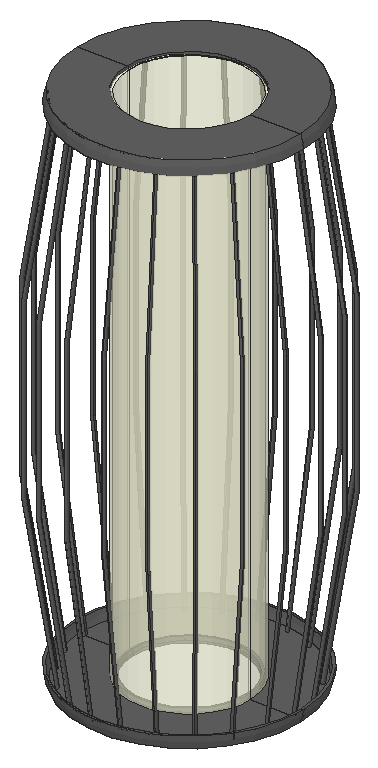
Revit family "WRO1", category Lighting Fixtures, Revit 2024
Family settings
  Round Connector Dimension = Use Diameter
  Part Type = Normal
  OmniClass Number = 23.80.70.00
  OmniClass Title = Lighting
  Work Plane-Based = No
  Always vertical = Yes
  Cut with Voids When Loaded = No
  Light Source = No
  Maintain Annotation Orientation = No
  Shared = No
  Room Calculation Point = No
Parameters
  Default Elevation = 0' - 0"
Reference planes (in)
  plane 1 "Light Source Axis (F/B)": y = 0
  plane 2: z = 0
  plane 3 "Light Source Axis (L/R)": x = 0
  plane 4 "Light Source Elevation": z = 54
Forms (in)
  Revolve 1, solid, material "78"
    sketch origin (0, 0, 0) x (1, 0, 0) y (0, 0, 1)
      loop
        arc (4.62517, 74.74589) -> (4.58822, 75.00431) -> (4.5, 75.25) r 1.28996
        line (4.5, 75.25) -> (2.5, 75.25) -> (2.5, 75.1563) -> (4.43931, 75.1563)
        arc (4.43931, 75.1563) -> (4.50351, 74.95517) -> (4.53134, 74.74589) r 1.19621
        line (4.53134, 74.74589) -> (4.62517, 74.74589)
      loop
        arc (4.5, 54) -> (4.58822, 54.24569) -> (4.62517, 54.50411) r 1.28996
        line (4.62517, 54.50411) -> (4.53134, 54.50411)
        arc (4.53134, 54.50411) -> (4.50351, 54.29483) -> (4.43931, 54.0937) r 1.19621
        line (4.43931, 54.0937) -> (2.38233, 54.0937) -> (2.38233, 54.25443) -> (2.29687, 54.25443) -> (2.29687, 54.0937) -> (2.29687, 54) -> (4.5, 54)
      axis (0, 75.25) -> (0, 54)
    angle from 0 to 360
  Revolve 2, solid, material "CYL"
    sketch origin (0, 0, 0) x (1, 0, 0) y (0, 0, 1)
      loop
        line (2.5, 54.0937) -> (2.5, 75.1563) -> (2.40625, 75.1563) -> (2.40625, 54.0937) -> (2.5, 54.0937)
      axis (0, 54.0937) -> (0, 75.1563)
    angle from 0 to 360
  Sweep 3, solid, material "78"
    path origin (0, 0, 0) x (1, 0, 0) y (0, 0, 1)
      loop
        arc (4.22942, 54.0937) -> (5.43681, 64.625) -> (4.22942, 75.1563) r 46.53252
    profile origin (5.43681, 0, 64.625) x (-1, 0, 0) y (0, -1, 0)
      loop
        circle (0, 0) r 0.0625
  Sweep 4, solid, material "78"
    path origin (0, 0, 0) x (0.959493, -0.281733, 0) y (0, 0, 1)
      loop
        arc (4.22942, 54.0937) -> (5.43681, 64.625) -> (4.22942, 75.1563) r 46.53252
    profile origin (5.21658, -1.53173, 64.625) x (-0.959493, 0.281733, 0) y (-0.281733, -0.959493, 0)
      loop
        circle (0, 0) r 0.0625
  Sweep 5, solid, material "78"
    path origin (0, 0, 0) x (0.959493, 0.281733, 0) y (0, 0, 1)
      loop
        arc (4.22942, 54.0937) -> (5.43681, 64.625) -> (4.22942, 75.1563) r 46.53252
    profile origin (5.21658, 1.53173, 64.625) x (-0.959493, -0.281733, 0) y (0.281733, -0.959493, 0)
      loop
        circle (0, 0) r 0.0625
  Sweep 6, solid, material "78"
    path origin (0, 0, 0) x (0.841254, 0.540641, 0) y (0, 0, 1)
      loop
        arc (4.22942, 54.0937) -> (5.43681, 64.625) -> (4.22942, 75.1563) r 46.53252
    profile origin (4.57374, 2.93936, 64.625) x (-0.841254, -0.540641, 0) y (0.540641, -0.841254, 0)
      loop
        circle (0, 0) r 0.0625
  Sweep 7, solid, material "78"
    path origin (0, 0, 0) x (0.654861, 0.75575, 0) y (0, 0, 1)
      loop
        arc (4.22942, 54.0937) -> (5.43681, 64.625) -> (4.22942, 75.1563) r 46.53252
    profile origin (3.56036, 4.10887, 64.625) x (-0.654861, -0.75575, 0) y (0.75575, -0.654861, 0)
      loop
        circle (0, 0) r 0.0625
  Sweep 8, solid, material "78"
    path origin (0, 0, 0) x (0.415415, 0.909632, 0) y (0, 0, 1)
      loop
        arc (4.22942, 54.0937) -> (5.43681, 64.625) -> (4.22942, 75.1563) r 46.53252
    profile origin (2.25853, 4.9455, 64.625) x (-0.415415, -0.909632, 0) y (0.909632, -0.415415, 0)
      loop
        circle (0, 0) r 0.0625
  Sweep 9, solid, material "78"
    path origin (0, 0, 0) x (0.142315, 0.989821, 0) y (0, 0, 1)
      loop
        arc (4.22942, 54.0937) -> (5.43681, 64.625) -> (4.22942, 75.1563) r 46.53252
    profile origin (0.77374, 5.38147, 64.625) x (-0.142315, -0.989821, 0) y (0.989821, -0.142315, 0)
      loop
        circle (0, 0) r 0.0625
  Sweep 10, solid, material "78"
    path origin (0, 0, 0) x (-0.142315, 0.989821, 0) y (0, 0, 1)
      loop
        arc (4.22942, 54.0937) -> (5.43681, 64.625) -> (4.22942, 75.1563) r 46.53252
    profile origin (-0.77374, 5.38147, 64.625) x (0.142315, -0.989821, 0) y (0.989821, 0.142315, 0)
      loop
        circle (0, 0) r 0.0625
  Sweep 11, solid, material "78"
    path origin (0, 0, 0) x (-0.415415, 0.909632, 0) y (0, 0, 1)
      loop
        arc (4.22942, 54.0937) -> (5.43681, 64.625) -> (4.22942, 75.1563) r 46.53252
    profile origin (-2.25853, 4.9455, 64.625) x (0.415415, -0.909632, 0) y (0.909632, 0.415415, 0)
      loop
        circle (0, 0) r 0.0625
  Sweep 12, solid, material "78"
    path origin (0, 0, 0) x (-0.654861, 0.75575, 0) y (0, 0, 1)
      loop
        arc (4.22942, 54.0937) -> (5.43681, 64.625) -> (4.22942, 75.1563) r 46.53252
    profile origin (-3.56036, 4.10887, 64.625) x (0.654861, -0.75575, 0) y (0.75575, 0.654861, 0)
      loop
        circle (0, 0) r 0.0625
  Sweep 13, solid, material "78"
    path origin (0, 0, 0) x (-0.841254, 0.540641, 0) y (0, 0, 1)
      loop
        arc (4.22942, 54.0937) -> (5.43681, 64.625) -> (4.22942, 75.1563) r 46.53252
    profile origin (-4.57374, 2.93936, 64.625) x (0.841254, -0.540641, 0) y (0.540641, 0.841254, 0)
      loop
        circle (0, 0) r 0.0625
  Sweep 14, solid, material "78"
    path origin (0, 0, 0) x (-0.959493, 0.281733, 0) y (0, 0, 1)
      loop
        arc (4.22942, 54.0937) -> (5.43681, 64.625) -> (4.22942, 75.1563) r 46.53252
    profile origin (-5.21658, 1.53173, 64.625) x (0.959493, -0.281733, 0) y (0.281733, 0.959493, 0)
      loop
        circle (0, 0) r 0.0625
  Sweep 15, solid, material "78"
    path origin (0, 0, 0) x (-1, 0, 0) y (0, 0, 1)
      loop
        arc (4.22942, 54.0937) -> (5.43681, 64.625) -> (4.22942, 75.1563) r 46.53252
    profile origin (-5.43681, 0, 64.625) x (1, 0, 0) y (0, 1, 0)
      loop
        circle (0, 0) r 0.0625
  Sweep 16, solid, material "78"
    path origin (0, 0, 0) x (-0.959493, -0.281733, 0) y (0, 0, 1)
      loop
        arc (4.22942, 54.0937) -> (5.43681, 64.625) -> (4.22942, 75.1563) r 46.53252
    profile origin (-5.21658, -1.53173, 64.625) x (0.959493, 0.281733, 0) y (-0.281733, 0.959493, 0)
      loop
        circle (0, 0) r 0.0625
  Sweep 17, solid, material "78"
    path origin (0, 0, 0) x (-0.841254, -0.540641, 0) y (0, 0, 1)
      loop
        arc (4.22942, 54.0937) -> (5.43681, 64.625) -> (4.22942, 75.1563) r 46.53252
    profile origin (-4.57374, -2.93936, 64.625) x (0.841254, 0.540641, 0) y (-0.540641, 0.841254, 0)
      loop
        circle (0, 0) r 0.0625
  Sweep 18, solid, material "78"
    path origin (0, 0, 0) x (-0.654861, -0.75575, 0) y (0, 0, 1)
      loop
        arc (4.22942, 54.0937) -> (5.43681, 64.625) -> (4.22942, 75.1563) r 46.53252
    profile origin (-3.56036, -4.10887, 64.625) x (0.654861, 0.75575, 0) y (-0.75575, 0.654861, 0)
      loop
        circle (0, 0) r 0.0625
  Sweep 19, solid, material "78"
    path origin (0, 0, 0) x (-0.415415, -0.909632, 0) y (0, 0, 1)
      loop
        arc (4.22942, 54.0937) -> (5.43681, 64.625) -> (4.22942, 75.1563) r 46.53252
    profile origin (-2.25853, -4.9455, 64.625) x (0.415415, 0.909632, 0) y (-0.909632, 0.415415, 0)
      loop
        circle (0, 0) r 0.0625
  Sweep 20, solid, material "78"
    path origin (0, 0, 0) x (-0.142315, -0.989821, 0) y (0, 0, 1)
      loop
        arc (4.22942, 54.0937) -> (5.43681, 64.625) -> (4.22942, 75.1563) r 46.53252
    profile origin (-0.77374, -5.38147, 64.625) x (0.142315, 0.989821, 0) y (-0.989821, 0.142315, 0)
      loop
        circle (0, 0) r 0.0625
  Sweep 21, solid, material "78"
    path origin (0, 0, 0) x (0.142315, -0.989821, 0) y (0, 0, 1)
      loop
        arc (4.22942, 54.0937) -> (5.43681, 64.625) -> (4.22942, 75.1563) r 46.53252
    profile origin (0.77374, -5.38147, 64.625) x (-0.142315, 0.989821, 0) y (-0.989821, -0.142315, 0)
      loop
        circle (0, 0) r 0.0625
  Sweep 22, solid, material "78"
    path origin (0, 0, 0) x (0.415415, -0.909632, 0) y (0, 0, 1)
      loop
        arc (4.22942, 54.0937) -> (5.43681, 64.625) -> (4.22942, 75.1563) r 46.53252
    profile origin (2.25853, -4.9455, 64.625) x (-0.415415, 0.909632, 0) y (-0.909632, -0.415415, 0)
      loop
        circle (0, 0) r 0.0625
  Sweep 23, solid, material "78"
    path origin (0, 0, 0) x (0.654861, -0.75575, 0) y (0, 0, 1)
      loop
        arc (4.22942, 54.0937) -> (5.43681, 64.625) -> (4.22942, 75.1563) r 46.53252
    profile origin (3.56036, -4.10887, 64.625) x (-0.654861, 0.75575, 0) y (-0.75575, -0.654861, 0)
      loop
        circle (0, 0) r 0.0625
  Sweep 24, solid, material "78"
    path origin (0, 0, 0) x (0.841254, -0.540641, 0) y (0, 0, 1)
      loop
        arc (4.22942, 54.0937) -> (5.43681, 64.625) -> (4.22942, 75.1563) r 46.53252
    profile origin (4.57374, -2.93936, 64.625) x (-0.841254, 0.540641, 0) y (-0.540641, -0.841254, 0)
      loop
        circle (0, 0) r 0.0625
Dimensions and locks (in)
  aligned and locked: level to plane 2
